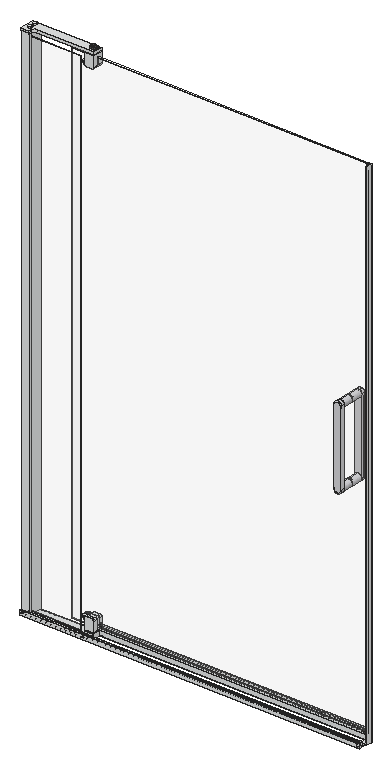
Revit family "Shower-Shower_Door-KOHLER-Revel-K-707556_1", category Specialty Equipment, host Face, Revit 2022
Family settings
  Host = Face
  Round Connector Dimension = Use Diameter
  Part Type = Normal
  OmniClass Number = 23.31.17.17
  OmniClass Title = Shower Enclosures
  Cut with Voids When Loaded = No
  Maintain Annotation Orientation = No
  Shared = No
  Room Calculation Point = No
Parameters (values of type "Clear Glass, SHP-Bright Polished Silver")
  Width [instance] = 8.18898" + Walk Thru + 1.5748"  # 48.01378"
  WaterSense Certified = 1 = 0  # no
  Walk Thru [instance] = 38 1/4"
  URL = "https://www.us.kohler.com/us/"
  Type = 3
  Secondary Finish = Kohler-Glass-L-Crystal_Clear
  Product Page URL = "http://www.us.kohler.com/us/catalog/productDetails.jsp?productId=707556-L"
  Product Name = "Revel"  # constant formula
  Product Documentation Link = "https://www.us.kohler.com/webassets/kpna/catalog/pdf/en/K-707556-L_spec_US-CA_Kohler_en.pdf"
  Model = if(Type = 1, "K-707556-L-ABZ", if(Type = 2, "K-707556-L-BNK", if(Type = 3, "K-707556-L-SHP", if(Type = 4, "K-707556-D3-ABZ", if(Type = 5, "K-707556-D3-BNK", if(Type = 6, "K-707556-D3-SHP", "NA"))))))  # "K-707556-L-SHP"
  Material = "Premium Metal Construction"  # constant formula
  Master Format 2014 Name = "Shower Doors"  # constant formula
  Master Format 2014 = "10 28 19.16"  # constant formula
  Manufacturer Address = "444 Highland Dr, Kohler, WI 53044"  # constant formula
  Manufacturer = "Kohler Co."  # constant formula
  Length = 4 7/64"  # constant formula
  Height = 74.01575"  # constant formula
  Handle Finish = Kohler-Metal-CP-Polished_Chrome
  Finish = Kohler-Metal-SHP-Bright_Polished_Silver
  Environmental Product Declaration = ""
  Description = if(or(Type < 4), "Pivot shower door, 74 inch H x 43-1/8 - 48 inch W, with 5/16 inch thick Crystal Clear glass", "Pivot shower door, 74 inch H x 43-1/8 - 48 inch W, with 5/16 inch thick Frosted glass")  # "Pivot shower door, 74 inch H x 43-1/8 - 48 inch W, with 5/16 inch thick Crystal Clear glass"
  Default Elevation = 4"
  Declare Label = ""
  Date Modified = "06/23/2022"  # constant formula
  Date Created = "06/23/2022"  # constant formula
  Copyright = "Copyright Kohler Co."  # constant formula
  Contact Us = "https://www.us.kohler.com/us/static/contact.jsp"
  Assembly Code = "C1030200"
  ADA Compliant = 1 = 0  # no
Reference planes (in)
  plane 1 "Center (Front/Back)": y = 0
  plane 2: z = 0
  plane 3 "Center (Left/Right)": x = 0
  plane 4: y = 2.10994
  plane 5: y = 0.71149
  plane 6: y = -1.5326
  plane 7: x = -8.29527
  plane 8: y = 0.32149
  plane 9: y = -1.99943
  plane 10: y = -0.55188
  plane 11: x = -15.84581
  plane 12: z = 74.01575
  plane 13: z = 74.38016
  plane 14: z = 73.13257
  plane 15: z = 72.11625
  plane 16: z = 42.95276
  plane 17: z = 42.46063
  plane 18: z = 31.83071
  plane 19: z = 31.33858
  plane 20: z = 2.1635
  plane 21: z = 0.62992
  plane 22: x = -16.48425
  plane 23: x = -6.72047
  plane 24: x = 31.52953
  plane 25: x = 31.14921
  plane 26: z = 72.6811
  plane 27: x = 31.03099
  plane 28: x = 28.57624
Dimensions and locks (in)
  plane 7 to plane 3 "Center (Left/Right)" = 8.29527"
  "Height": plane 12 to level
  "Length": plane 4 to plane 9
  locked: plane 23 to plane 3 "Center (Left/Right)" at 6.72047
  "Walk Thru": plane 23 to plane 24
  locked: plane 27 to plane 24 at 0.49854
  locked: plane 24 to plane 25 at 0.38032
  locked: plane 28 to plane 24 at 2.95329
  plane 19 to level = 31.33858"
  locked: plane 16 to plane 19 at 11.61417
  plane 7 to plane 22 = 8.18898"
  locked: plane 11 to plane 22 at 0.63844
  "Width": plane 24 to plane 22
  locked: plane 13 to plane 12 at 0.36441
  locked: plane 12 to plane 14 at 0.88318
  locked: plane 14 to plane 15 at 1.01632
  locked: plane 18 to plane 19 at 0.49213
  locked: plane 16 to plane 17 at 0.49213
  aligned and locked: plane 2 to host face
  aligned and locked: level to host face
  aligned and locked: plane 3 "Center (Left/Right)" to nested 1
Automatic sketch dimensions
  host sketch curve to host sketch curve = 96"  (x2)
Nested families (in)
  nested 1: "K-707556" at (0, 0, 0), type "K-707556"
    with Width 48.01378", Walk Thru 38 1/4"
Definition of nested family "K-707556"
  Parameters (values of type "K-707556")
    Width = Walk Thru + Distance + 1.5748"  # 44.01575"
    Walk Thru = 34.25197"
    Material = none
    Height = 74.01575"
    Handle Material = none
    Handle Height = 31.33858"
    Glass Material = none
    Distance = 8.18898"
    Default Elevation = 0"
  Reference planes (in)
    plane 1 "Center (Front/Back)": y = 0
    plane 2: z = 0
    plane 3 "Center (Left/Right)": x = 0
    plane 4: x = -16.48425
    plane 5: x = -8.29527
    plane 6 "K": x = 24.5782
    plane 7: z = 74.01575
    plane 8: z = 73.66142
    plane 9 "D": z = 72.11625
    plane 10: z = 31.33858
    plane 11: z = 42.95276
    plane 12: y = 2.10994
    plane 13: y = -1.99772
    plane 14: y = 0.71149
    plane 15: y = -1.5326
    plane 16: z = 0.62992
    plane 17: z = 73.13257
    plane 18: x = -15.84363
    plane 19 "A": y = -0.55188
    plane 20 "B": y = 0.32149
    plane 21 "C": z = 2.1635
    plane 22: z = 72.93572
    plane 23: z = 72.68188
    plane 24: z = 42.46063
    plane 25: z = 31.83071
    plane 26: z = 74.38016
    plane 27: x = -6.72047
    plane 28: x = 27.5315
    plane 29: x = 26.88976
    plane 30: x = 27.38976
    plane 31: x = 27.03295
    plane 32: x = -7.40614
  Forms (in)
    Extrusion 1, solid, material <- "Material", detail levels medium+fine
      sketch origin (0, 0, 0) x (0, 1, 0) y (0, 0, 1)
        loop
          line (-0.27623, 0) -> (0.59855, 0)
          arc (0.59855, 0) -> (0.62415, 0.0106) -> (0.63475, 0.0362) r 0.0362
          line (0.63475, 0.0362) -> (0.63475, 0.21702)
          arc (0.63475, 0.21702) -> (0.62509, 0.24034) -> (0.60177, 0.25) r 0.03298
          line (0.60177, 0.25) -> (-1.2883, 0.25)
          arc (-1.2883, 0.25) -> (-1.3314, 0.26785) -> (-1.34925, 0.31095) r 0.06095
          line (-1.34925, 0.31095) -> (-1.34925, 0.48)
          arc (-1.34925, 0.48) -> (-1.40675, 0.5375) -> (-1.46425, 0.48) r 0.0575
          line (-1.46425, 0.48) -> (-1.46425, 0.26417)
          arc (-1.46425, 0.26417) -> (-1.42954, 0.17607) -> (-1.34408, 0.1353) r 0.12919
          line (-1.34408, 0.1353) -> (-0.30312, 0.06251) -> (-0.30312, 0.0269)
          arc (-0.30312, 0.0269) -> (-0.29525, 0.00788) -> (-0.27623, 0) r 0.0269
      from -16.48425 to -8.02475
    Extrusion 2, solid, material <- "Material", detail levels medium+fine
      sketch origin (0, 0, 0) x (0, 1, 0) y (0, 0, 1)
        loop
          line (-1.46425, 0.06988) -> (-0.33625, -0.00012) -> (-0.33625, 0.06) -> (-1.46425, 0.13) -> (-1.46425, 0.565) -> (-1.33425, 0.565) -> (-1.33425, 0.368)
          arc (-1.33425, 0.368) -> (-1.30425, 0.338) -> (-1.27425, 0.368) r 0.03
          line (-1.27425, 0.368) -> (-1.27425, 0.60686)
          arc (-1.27425, 0.60686) -> (-1.281, 0.62317) -> (-1.29731, 0.62992) r 0.02306
          line (-1.29731, 0.62992) -> (-1.50695, 0.62992)
          arc (-1.50695, 0.62992) -> (-1.52509, 0.62241) -> (-1.5326, 0.60427) r 0.02565
          line (-1.5326, 0.60427) -> (-1.5326, 0) -> (-1.48411, 0)
          arc (-1.48411, 0) -> (-1.47007, 0.00582) -> (-1.46425, 0.01986) r 0.01986
          line (-1.46425, 0.01986) -> (-1.46425, 0.06988)
      from -16.48425 to 27.38976
    Extrusion 3, solid, material <- "Material", detail levels medium+fine
      sketch origin (0, 0, 0) x (0, 1, 0) y (0, 0, 1)
        loop
          line (-1.23023, 0.67187) -> (-1.54853, 0.67187)
          arc (-1.54853, 0.67187) -> (-1.56451, 0.66526) -> (-1.57112, 0.64928) r 0.0226
          line (-1.57112, 0.64928) -> (-1.57112, 0.03588)
          arc (-1.57112, 0.03588) -> (-1.55186, 0.01661) -> (-1.5326, 0.03588) r 0.01926
          line (-1.5326, 0.03588) -> (-1.5326, 0.62992) -> (-1.25863, 0.62992) -> (-1.25862, 0.15799)
          arc (-1.25862, 0.15799) -> (-1.25033, 0.13693) -> (-1.22989, 0.12718) r 0.03089
          line (-1.22989, 0.12718) -> (-0.30312, 0.06237) -> (-0.30312, 0.02652)
          arc (-0.30312, 0.02652) -> (-0.29532, 0.00768) -> (-0.27648, -0.00013) r 0.02664
          line (-0.27648, -0.00013) -> (0.27012, -0.00013)
          arc (0.27012, -0.00013) -> (0.29328, 0.00947) -> (0.30288, 0.03263) r 0.03275
          line (0.30288, 0.03263) -> (0.30288, 0.20868)
          arc (0.30288, 0.20868) -> (0.29449, 0.22892) -> (0.27425, 0.23731) r 0.02863
          line (0.27425, 0.23731) -> (-1.17024, 0.23731)
          arc (-1.17024, 0.23731) -> (-1.19827, 0.24892) -> (-1.20987, 0.27694) r 0.03964
          line (-1.20987, 0.27694) -> (-1.20987, 0.65152)
          arc (-1.20987, 0.65152) -> (-1.21584, 0.66591) -> (-1.23023, 0.67187) r 0.02036
      from 27.38976 to 26.88976
    Extrusion 4, solid, material <- "Material", detail levels medium+fine
      sketch origin (0, 0, 0) x (1, 0, 0) y (0, 1, 0)
        loop
          line (-16.48425, -1.27425) -> (-15.36279, -1.27425) -> (-15.36279, -1.0745) -> (-15.92325, -1.0745)
          arc (-15.92325, -1.0745) -> (-15.95325, -0.95875) -> (-15.92325, -0.843) r 0.2383
          line (-15.92325, -0.843) -> (-15.359, -0.843) -> (-15.359, 0.64608) -> (-16.48425, 0.64608) -> (-16.48425, 0.5658) -> (-16.42405, 0.5658) -> (-16.42405, 0.2641) -> (-16.48425, 0.2641) -> (-16.48425, 0.19996) -> (-16.42405, 0.19996) -> (-16.42405, -0.42903) -> (-16.48425, -0.42903) -> (-16.48425, -0.49326) -> (-16.42405, -0.49326) -> (-16.42405, -1.21125) -> (-16.48425, -1.21125) -> (-16.48425, -1.27425)
      from 0.25 to 73.66142
    Extrusion 5, solid, material <- "Glass Material"
      sketch origin (0, 0, 0) x (1, 0, 0) y (0, 1, 0)
        loop
          arc (-15.92325, -0.843) -> (-15.95325, -0.95875) -> (-15.92325, -1.0745) r 0.2383
          line (-15.92325, -1.0745) -> (-8.32527, -1.0745)
          arc (-8.32527, -1.0745) -> (-8.29527, -0.95875) -> (-8.32527, -0.843) r 0.2383
          line (-8.32527, -0.843) -> (-15.92325, -0.843)
      from 0.625 to 73.13257
    Extrusion 6, solid, material <- "Material"
      sketch origin (0, 0, 0) x (1, 0, 0) y (0, 1, 0)
        loop
          line (-16.48425, -1.33251) -> (-15.3867, -1.33251)
          arc (-15.3867, -1.33251) -> (-15.3224, -1.30588) -> (-15.29577, -1.24158) r 0.09093
          line (-15.29577, -1.24158) -> (-15.29577, -1.16731)
          arc (-15.29577, -1.16731) -> (-15.14469, -0.80256) -> (-14.77993, -0.65147) r 0.51584
          line (-14.77993, -0.65147) -> (-6.73991, -0.65147) -> (-6.73991, 0.71149) -> (-16.48425, 0.71149) -> (-16.48425, -1.33251)
      from 73.66142 to 74.01575
    Revolve 7, solid, detail levels medium+fine
      sketch origin (0, -0.55188, 0) x (0, 0, 1) y (-1, 0, 0)
        loop
          line (74.01575, 15.84363) -> (74.19327, 15.84363)
          arc (74.19327, 15.84363) -> (74.1544, 15.98634) -> (74.04852, 16.08963) r 0.2814
          line (74.04852, 16.08963) -> (74.01575, 16.08963) -> (74.01575, 15.84363)
        axis (74.01575, 15.84363) -> (74.19327, 15.84363)
      angle from 0 to 360
    Revolve 8, solid, detail levels medium+fine
      sketch origin (0, 0.32149, 0) x (0, 0, -1) y (-1, 0, 0)
        loop
          line (-74.01575, 15.84363) -> (-74.01575, 16.08963) -> (-74.04852, 16.08963)
          arc (-74.04852, 16.08963) -> (-74.1544, 15.98634) -> (-74.19327, 15.84363) r 0.2814
          line (-74.19327, 15.84363) -> (-74.01575, 15.84363)
        axis (-74.19327, 15.84363) -> (-74.01575, 15.84363)
      angle from 0 to 360
    Extrusion 9, solid, material <- "Material", detail levels medium+fine
      sketch origin (0, 0, 0) x (0, 1, 0) y (0, 0, 1)
        loop
          line (0.63475, 0) -> (0.63475, 0.625) -> (-0.72263, 0.625)
          arc (-0.72263, 0.625) -> (-0.75489, 0.61164) -> (-0.76825, 0.57938) r 0.04562
          line (-0.76825, 0.57938) -> (-0.76825, 0.31091)
          arc (-0.76825, 0.31091) -> (-0.78609, 0.26784) -> (-0.82916, 0.25) r 0.06091
          line (-0.82916, 0.25) -> (-1.10552, 0.25)
          arc (-1.10552, 0.25) -> (-1.13786, 0.26339) -> (-1.15125, 0.29573) r 0.04573
          line (-1.15125, 0.29573) -> (-1.15125, 0.59003)
          arc (-1.15125, 0.59003) -> (-1.16149, 0.61476) -> (-1.18622, 0.625) r 0.03497
          line (-1.18622, 0.625) -> (-1.24534, 0.625)
          arc (-1.24534, 0.625) -> (-1.2672, 0.61595) -> (-1.27625, 0.59409) r 0.03091
          line (-1.27625, 0.59409) -> (-1.27625, 0.312)
          arc (-1.27625, 0.312) -> (-1.31275, 0.2755) -> (-1.34925, 0.312) r 0.0365
          line (-1.34925, 0.312) -> (-1.34925, 0.48)
          arc (-1.34925, 0.48) -> (-1.40675, 0.5375) -> (-1.46425, 0.48) r 0.0575
          line (-1.46425, 0.48) -> (-1.46425, 0.26028)
          arc (-1.46425, 0.26028) -> (-1.43067, 0.17503) -> (-1.34797, 0.13559) r 0.125
          line (-1.34797, 0.13559) -> (-0.30275, 0.0625) -> (-0.30275, 0.03125)
          arc (-0.30275, 0.03125) -> (-0.2936, 0.00915) -> (-0.2715, 0) r 0.03125
          line (-0.2715, 0) -> (0.63475, 0)
      from -6.76525 to -8.02475
    Extrusion 10, solid, material <- "Material"
      sketch origin (0, 0, 0) x (1, 0, 0) y (0, 0, 1)
        loop
          arc (-6.80462, 0.7535) -> (-6.77678, 0.76503) -> (-6.76525, 0.79287) r 0.03937
          line (-6.76525, 0.79287) -> (-6.76525, 2.20243)
          arc (-6.76525, 2.20243) -> (-6.83527, 2.37148) -> (-7.00432, 2.4415) r 0.23907
          line (-7.00432, 2.4415) -> (-7.77509, 2.4415)
          arc (-7.77509, 2.4415) -> (-7.94491, 2.37116) -> (-8.01525, 2.20134) r 0.24016
          line (-8.01525, 2.20134) -> (-8.01525, 0.79202)
          arc (-8.01525, 0.79202) -> (-8.00397, 0.76478) -> (-7.97673, 0.7535) r 0.03852
          line (-7.97673, 0.7535) -> (-6.80462, 0.7535)
      from -0.699 to 0.6555
    Extrusion 11, void
      sketch origin (0, 0, 0) x (0, 1, 0) y (0, 0, 1)
        loop
          line (-0.223, 1.0975) -> (0.277, 1.0975) -> (0.277, 2.6723) -> (-0.223, 2.6723) -> (-0.223, 1.0975)
      from -8.374 to -5.62598
    Extrusion 12, solid
      sketch origin (0, 0, 0) x (1, 0, 0) y (0, 0, 1)
        loop
          line (-6.78494, 1.0975) -> (-6.78494, 2.20243)
          arc (-6.78494, 2.20243) -> (-6.84919, 2.35756) -> (-7.00432, 2.42181) r 0.21938
          line (-7.00432, 2.42181) -> (-7.77509, 2.42181)
          arc (-7.77509, 2.42181) -> (-7.93099, 2.35724) -> (-7.99556, 2.20134) r 0.22047
          line (-7.99556, 2.20134) -> (-7.99556, 1.0975) -> (-6.78494, 1.0975)
      from -0.277 to 0.223
    Revolve 13, solid, material <- "Material"
      sketch origin (0, 0, 2.1635) x (0, -1, 0) y (1, 0, 0)
        loop
          line (0.3524, -8.32761) -> (-0.39049, -8.32761) -> (-0.39049, -8.59986)
          arc (-0.39049, -8.59986) -> (-0.37874, -8.62823) -> (-0.35037, -8.63998) r 0.04012
          line (-0.35037, -8.63998) -> (-0.17426, -8.63998) -> (-0.17426, -8.59632) -> (-0.13508, -8.59632) -> (-0.13508, -8.48472) -> (0.097, -8.48472) -> (0.097, -8.59632) -> (0.13617, -8.59632) -> (0.13617, -8.63998) -> (0.31228, -8.63998)
          arc (0.31228, -8.63998) -> (0.34065, -8.62823) -> (0.3524, -8.59986) r 0.04012
          line (0.3524, -8.59986) -> (0.3524, -8.32761)
        axis (0.3524, -8.32761) -> (-0.39049, -8.32761)
      angle from 0 to 360
    Extrusion 14, solid, detail levels medium+fine
      sketch origin (0, 0, 0) x (1, 0, 0) y (0, 0, 1)
        loop
          circle (-7.07775, 1.5975) r 0.18898
        loop
          line (-7.07775, 1.72346) -> (-7.18683, 1.66048) -> (-7.18683, 1.53452) -> (-7.07775, 1.47154) -> (-6.96867, 1.53452) -> (-6.96867, 1.66048) -> (-7.07775, 1.72346)
        loop
          circle (-7.70273, 1.5975) r 0.18898
        loop
          line (-7.70273, 1.72346) -> (-7.81181, 1.66048) -> (-7.81181, 1.53452) -> (-7.70273, 1.47154) -> (-7.59364, 1.53452) -> (-7.59364, 1.66048) -> (-7.70273, 1.72346)
      from -0.64608 to -0.74844
    Revolve 15, solid, material <- "Material"
      sketch origin (0, 0, 72.11625) x (0, -1, 0) y (1, 0, 0)
        loop
          line (0.34548, -8.29527) -> (-0.39741, -8.29527) -> (-0.39741, -8.56752)
          arc (-0.39741, -8.56752) -> (-0.38566, -8.59589) -> (-0.35729, -8.60764) r 0.04012
          line (-0.35729, -8.60764) -> (-0.18118, -8.60764) -> (-0.18118, -8.56398) -> (-0.14201, -8.56398) -> (-0.14201, -8.45238) -> (0.09007, -8.45238) -> (0.09007, -8.56398) -> (0.12925, -8.56398) -> (0.12925, -8.60764) -> (0.30536, -8.60764)
          arc (0.30536, -8.60764) -> (0.33373, -8.59589) -> (0.34548, -8.56752) r 0.04012
          line (0.34548, -8.56752) -> (0.34548, -8.29527)
        axis (0.34548, -8.29527) -> (-0.39741, -8.29527)
      angle from 0 to 360
    Extrusion 16, solid, material <- "Material"
      sketch origin (0, 0, 0) x (0, 1, 0) y (0, 0, 1)
        loop
          arc (-0.097, 1.35312) -> (-0.11537, 1.37299) -> (-0.13662, 1.35624) r 0.01993
          line (-0.13662, 1.35624) -> (-0.1776, 1.0975) -> (0.20316, 1.0975) -> (0.20316, 1.33432)
          arc (0.20316, 1.33432) -> (0.2165, 1.35338) -> (0.23898, 1.34737) r 0.02029
          arc (0.23898, 1.34737) -> (0.2829, 1.29668) -> (0.32829, 1.24731) r 2.26458
          arc (0.32829, 1.24731) -> (0.34709, 1.18966) -> (0.31434, 1.13863) r 0.07073
          arc (0.31434, 1.13863) -> (0.33971, 1.11534) -> (0.37309, 1.12379) r 0.03623
          arc (0.37309, 1.12379) -> (0.42824, 1.15633) -> (0.49187, 1.16351) r 0.15339
          arc (0.49187, 1.16351) -> (0.52099, 1.19696) -> (0.4952, 1.23303) r 0.03577
          arc (0.4952, 1.23303) -> (0.28695, 1.37387) -> (0.20068, 1.61001) r 0.4083
          arc (0.20068, 1.61001) -> (0.17922, 1.64919) -> (0.135, 1.65554) r 0.04994
          line (0.135, 1.65554) -> (0.135, 1.1775)
          arc (0.135, 1.1775) -> (0.019, 1.1475) -> (-0.097, 1.1775) r 0.23927
          line (-0.097, 1.1775) -> (-0.097, 1.35312)
        loop
          line (0.25206, 1.15842) -> (0.26168, 0.02414)
          arc (0.26168, 0.02414) -> (0.28259, 0.00002) -> (0.30569, 0.02205) r 0.02205
          line (0.30569, 0.02205) -> (0.30569, 1.15843)
          arc (0.30569, 1.15843) -> (0.27885, 1.25716) -> (0.25206, 1.15842) r 0.05301
      from -6.76525 to 27.03295
    Extrusion 17, solid, material <- "Material", detail levels medium+fine
      sketch origin (0, 0.32149, 0) x (0, 0, -1) y (-1, 0, 0)
        loop
          arc (-73.49422, 8.033) -> (-73.5177, 8.02327) -> (-73.52743, 7.99979) r 0.03321
          line (-73.52743, 7.99979) -> (-73.52743, 6.8125)
          arc (-73.52743, 6.8125) -> (-73.5177, 6.78902) -> (-73.49422, 6.77929) r 0.03321
          line (-73.49422, 6.77929) -> (-72.08933, 6.77929)
          arc (-72.08933, 6.77929) -> (-71.91084, 6.85322) -> (-71.83691, 7.03171) r 0.25241
          line (-71.83691, 7.03171) -> (-71.83691, 7.78058)
          arc (-71.83691, 7.78058) -> (-71.91084, 7.95907) -> (-72.08933, 8.033) r 0.25241
          line (-72.08933, 8.033) -> (-73.49422, 8.033)
      from -0.97296 to 0.37751
    Extrusion 18, void
      sketch origin (0, 0, 0) x (0, 1, 0) y (0, 0, 1)
        loop
          line (-0.22762, 71.71778) -> (0.23512, 71.71778) -> (0.23512, 73.22772) -> (-0.22762, 73.22772) -> (-0.22762, 71.71778)
      from -8.32527 to -6.37881
    Extrusion 19, solid, detail levels medium+fine
      sketch origin (0, 0, 0) x (1, 0, 0) y (0, 0, 1)
        loop
          line (-7.78058, 71.8566) -> (-7.03171, 71.8566)
          arc (-7.03171, 71.8566) -> (-6.86714, 71.92476) -> (-6.79898, 72.08933) r 0.23273
          line (-6.79898, 72.08933) -> (-6.79898, 73.22772) -> (-8.01331, 73.22772) -> (-8.01331, 72.08933)
          arc (-8.01331, 72.08933) -> (-7.94515, 71.92476) -> (-7.78058, 71.8566) r 0.23273
      from -0.23512 to 0.22762
    Extrusion 20, solid, material <- "Glass Material"
      sketch origin (0, 0, 0) x (1, 0, 0) y (0, 1, 0)
        loop
          arc (27.33209, -0.1605) -> (27.38694, -0.00425) -> (27.33209, 0.152) r 0.25
          line (27.33209, 0.152) -> (-10.36891, 0.152)
          arc (-10.36891, 0.152) -> (-10.42375, -0.00425) -> (-10.36891, -0.1605) r 0.25
          line (-10.36891, -0.1605) -> (27.33209, -0.1605)
      from 1.0975 to 73.13257
    Extrusion 21, solid, detail levels medium+fine
      sketch origin (0, 0, 0) x (1, 0, 0) y (0, 0, 1)
        loop
          circle (-7.09313, 72.6861) r 0.18898
        loop
          line (-7.09313, 72.81206) -> (-7.20221, 72.74908) -> (-7.20221, 72.62312) -> (-7.09313, 72.56014) -> (-6.98404, 72.62312) -> (-6.98404, 72.74908) -> (-7.09313, 72.81206)
        loop
          circle (-7.71992, 72.6861) r 0.18898
        loop
          line (-7.71992, 72.81206) -> (-7.829, 72.74908) -> (-7.829, 72.62312) -> (-7.71992, 72.56014) -> (-7.61083, 72.62312) -> (-7.61083, 72.74908) -> (-7.71992, 72.81206)
      from -0.277 to -0.74844
    Revolve 22, solid, material <- "Handle Material"
      sketch origin (24.5782, 0, 0) x (0, 0, 1) y (0, -1, 0)
        loop
          line (42.46063, -1.59591) -> (42.95276, -1.59591) -> (42.95276, -0.135) -> (42.70487, -0.135) -> (42.70487, 0.097) -> (42.95276, 0.097) -> (42.95276, 1.47495) -> (42.46063, 1.47495) -> (42.46063, -1.59591)
        axis (42.46063, 1.47495) -> (42.46063, -1.59591)
      angle from 0 to 360
    Revolve 23, solid, material <- "Handle Material"
      sketch origin (24.5782, 0, 0) x (0, 0, 1) y (0, -1, 0)
        loop
          line (31.83071, -1.59591) -> (31.83071, 1.47495) -> (31.33858, 1.47495) -> (31.33858, 0.097) -> (31.58646, 0.097) -> (31.58646, -0.135) -> (31.33858, -0.135) -> (31.33858, -1.59591) -> (31.83071, -1.59591)
        axis (31.83071, -1.59591) -> (31.83071, 1.47495)
      angle from 0 to 360
    Sweep 24, solid, material <- "Handle Material", detail levels medium+fine
      path origin (0, 0, 0) x (1, 0, 0) y (0, 0, 1)
        loop
          arc (25.07033, 42.46063) -> (24.5782, 42.95276) -> (24.08608, 42.46063) r 0.49213
          line (24.08608, 42.46063) -> (24.08608, 31.83071)
          arc (24.08608, 31.83071) -> (24.5782, 31.33858) -> (25.07033, 31.83071) r 0.49213
          line (25.07033, 31.83071) -> (25.07033, 42.46063)
      profile origin (24.5782, 0, 42.95276) x (0, 0, -1) y (0, -1, 0)
        loop
          line (0, 1.47495) -> (0.07036, 1.47495) -> (0.07036, 1.99772) -> (0.03819, 1.99772)
          arc (0.03819, 1.99772) -> (0.01119, 1.98653) -> (0, 1.95953) r 0.03819
          line (0, 1.95953) -> (0, 1.47495)
    Extrusion 25, solid, material <- "Handle Material", detail levels medium+fine
      sketch origin (0, 0, 0) x (1, 0, 0) y (0, 0, 1)
        loop
          arc (24.15644, 31.83071) -> (24.5782, 31.40894) -> (24.99997, 31.83071) r 0.42177
          line (24.99997, 31.83071) -> (24.99997, 42.46063)
          arc (24.99997, 42.46063) -> (24.5782, 42.8824) -> (24.15644, 42.46063) r 0.42177
          line (24.15644, 42.46063) -> (24.15644, 31.83071)
      from 1.47495 to 1.99772
    Sweep 26, solid, material <- "Handle Material", detail levels medium+fine
      path origin (0, 0, 0) x (1, 0, 0) y (0, 0, 1)
        loop
          line (25.07033, 31.83071) -> (25.07033, 42.46063)
          arc (25.07033, 42.46063) -> (24.5782, 42.95276) -> (24.08608, 42.46063) r 0.49213
          line (24.08608, 42.46063) -> (24.08608, 31.83071)
          arc (24.08608, 31.83071) -> (24.5782, 31.33858) -> (25.07033, 31.83071) r 0.49213
      profile origin (24.5782, 0, 31.33858) x (0, 0, -1) y (0, -1, 0)
        loop
          line (-0.08322, -1.59591) -> (-0.08322, -2.10994) -> (-0.03596, -2.10994)
          arc (-0.03596, -2.10994) -> (-0.01053, -2.09941) -> (0, -2.07398) r 0.03596
          line (0, -2.07398) -> (0, -1.59591) -> (-0.08322, -1.59591)
    Extrusion 27, solid, material <- "Handle Material", detail levels medium+fine
      sketch origin (0, 0, 0) x (1, 0, 0) y (0, 0, 1)
        loop
          line (24.1693, 42.46063) -> (24.1693, 31.83071)
          arc (24.1693, 31.83071) -> (24.5782, 31.4218) -> (24.98711, 31.83071) r 0.4089
          line (24.98711, 31.83071) -> (24.98711, 42.46063)
          arc (24.98711, 42.46063) -> (24.5782, 42.86953) -> (24.1693, 42.46063) r 0.4089
      from -2.10994 to -1.59591
    Extrusion 28, solid, material <- "Material"
      sketch origin (0, 0, 0) x (1, 0, 0) y (0, 1, 0)
        loop
          circle (-7.40614, 0) r 0.23622
      from 0.565 to 0.7535
    Extrusion 29, void
      sketch origin (0, 0, 0) x (1, 0, 0) y (0, 1, 0)
        loop
          arc (-6.80404, -0.07487) -> (-6.97385, 0.46372) -> (-7.51243, 0.63353) r 0.6115
          arc (-7.51243, 0.63353) -> (-7.63532, 0.45802) -> (-7.45982, 0.33513) r 0.1515
          arc (-7.45982, 0.33513) -> (-7.18811, 0.24946) -> (-7.10243, -0.02225) r 0.3085
          arc (-7.10243, -0.02225) -> (-6.97954, -0.19776) -> (-6.80404, -0.07487) r 0.1515
      from 74.01575 to 73.66142
    Extrusion 30, solid
      sketch origin (0, 0, 0) x (1, 0, 0) y (0, 1, 0)
        loop
          circle (-7.40625, 0.49132) r 0.07731
        loop
          circle (-7.40625, 0.49132) r 0.097
      from 74.01575 to 73.66142
    Extrusion 31, solid, material <- "Handle Material", detail levels coarse
      sketch origin (0, 0, 0) x (1, 0, 0) y (0, 0, 1)
        loop
          line (24.08608, 42.95276) -> (24.08608, 31.33858) -> (25.07033, 31.33858) -> (25.07033, 42.95276) -> (24.08608, 42.95276)
      from 1.47495 to 1.99772
    Extrusion 32, solid, material <- "Handle Material", detail levels coarse
      sketch origin (0, 0, 0) x (1, 0, 0) y (0, 0, 1)
        loop
          line (24.08608, 42.95276) -> (24.08608, 31.33858) -> (25.07033, 31.33858) -> (25.07033, 42.95276) -> (24.08608, 42.95276)
      from -2.10994 to -1.59591
    Extrusion 33, solid, material <- "Material", detail levels coarse
      sketch origin (0, 0, 0) x (1, 0, 0) y (0, 1, 0)
        loop
          line (-15.359, -0.843) -> (-15.359, 0.64608) -> (-16.48425, 0.64608) -> (-16.48425, -1.27425) -> (-15.36279, -1.27425) -> (-15.36279, -1.0745) -> (-15.92325, -1.0745)
          arc (-15.92325, -1.0745) -> (-15.95325, -0.95875) -> (-15.92325, -0.843) r 0.2383
          line (-15.92325, -0.843) -> (-15.359, -0.843)
      from 0 to 73.66142
    Extrusion 34, solid, material <- "Material", detail levels coarse
      sketch origin (24.5782, 0, 0) x (0, 0, 1) y (0, -1, 0)
        loop
          line (0.25, -0.30288) -> (0.25, 1.27425) -> (0.62992, 1.27425) -> (0.62992, 1.5326) -> (0, 1.5326) -> (0, -0.30288) -> (0.25, -0.30288)
      from -41.06245 to 2.81156
    Extrusion 35, solid, material <- "Material"
      sketch origin (0, 0, 0) x (1, 0, 0) y (0, 1, 0)
        loop
          arc (27.5315, 0.28917) -> (27.52257, 0.31074) -> (27.501, 0.31967) r 0.0305
          line (27.501, 0.31967) -> (26.99931, 0.31967)
          arc (26.99931, 0.31967) -> (26.9818, 0.30217) -> (26.99931, 0.28466) r 0.0175
          line (26.99931, 0.28466) -> (27.04618, 0.28466)
          arc (27.04618, 0.28466) -> (27.01593, 0.27075) -> (26.98831, 0.25214) r 0.20599
          arc (26.98831, 0.25214) -> (26.95487, 0.2073) -> (26.94771, 0.15183) r 0.11038
          line (26.94771, 0.15183) -> (27.19804, 0.15183)
          arc (27.19804, 0.15183) -> (27.17378, 0.23382) -> (27.10503, 0.28466) r 0.13461
          line (27.10503, 0.28466) -> (27.46572, 0.28466)
          arc (27.46572, 0.28466) -> (27.48818, 0.27536) -> (27.49748, 0.2529) r 0.03177
          line (27.49748, 0.2529) -> (27.49748, -0.48012) -> (27.4273, -0.48012) -> (27.21789, -0.1617)
          arc (27.21789, -0.1617) -> (27.19481, -0.16372) -> (27.18382, -0.18411) r 0.02441
          line (27.18382, -0.18411) -> (27.40283, -0.51714) -> (27.5315, -0.51714) -> (27.5315, 0.28917)
      from 0 to 72.93572
    Revolve 36, solid
      sketch origin (0, 0, 0) x (1, 0, 0) y (0, 0, 1)
        loop
          line (-7.40614, 73.52743) -> (-7.40614, 74.33455) -> (-7.62158, 74.33455) -> (-7.62158, 74.38016) -> (-7.68448, 74.38016)
          arc (-7.68448, 74.38016) -> (-7.7027, 74.37335) -> (-7.71198, 74.35625) r 0.02777
          line (-7.71198, 74.35625) -> (-7.73118, 74.21965) -> (-7.76575, 74.21965) -> (-7.76575, 74.15665) -> (-7.64133, 74.15665) -> (-7.64133, 73.59021) -> (-8.02821, 73.59021) -> (-8.02821, 73.52743) -> (-7.40614, 73.52743)
        axis (-7.40614, 73.52743) -> (-7.40614, 74.38016)
      angle from 0 to 360
    Extrusion 37, solid, material <- "Material", detail levels coarse
      sketch origin (0, 0.32149, 0) x (0, 0, -1) y (-1, 0, 0)
        loop
          arc (-73.49422, 8.033) -> (-73.5177, 8.02327) -> (-73.52743, 7.99979) r 0.03321
          line (-73.52743, 7.99979) -> (-73.52743, 6.8125)
          arc (-73.52743, 6.8125) -> (-73.5177, 6.78902) -> (-73.49422, 6.77929) r 0.03321
          line (-73.49422, 6.77929) -> (-71.83691, 6.77929) -> (-71.83691, 8.033) -> (-73.49422, 8.033)
      from -0.97296 to 0.37751
  Cuts and joins
    Extrusion 11 cuts Extrusion 10
    Extrusion 18 cuts Extrusion 17
    joined: Sweep 26, Extrusion 27
    joined: Sweep 24, Extrusion 25
    Extrusion 29 cuts Extrusion 6
  Lines and regions (in)
    Masking region 1
      outline origin (0, 0, 0) x (1, 0, 0) y (0, 0, 1)
        loop
          line (-16.48425, 0) -> (27.5315, 0) -> (27.5315, 72.93572) -> (27.38976, 72.93572) -> (27.38976, 73.13257) -> (-6.77929, 73.13257) -> (-6.77929, 73.49422)
          arc (-6.77929, 73.49422) -> (-6.78049, 73.511) -> (-6.78408, 73.52743) r 0.11765
          line (-6.78408, 73.52743) -> (-6.78408, 73.59021) -> (-7.17096, 73.59021) -> (-7.17096, 73.66142) -> (-6.72047, 73.66142) -> (-6.72047, 74.01575) -> (-7.17096, 74.01575) -> (-7.17096, 74.15665) -> (-7.04654, 74.15665) -> (-7.04654, 74.21965) -> (-7.08111, 74.21965) -> (-7.10073, 74.35923)
          arc (-7.10073, 74.35923) -> (-7.10885, 74.3742) -> (-7.1248, 74.38016) r 0.02431
          line (-7.1248, 74.38016) -> (-7.68749, 74.38016)
          arc (-7.68749, 74.38016) -> (-7.70344, 74.3742) -> (-7.71156, 74.35923) r 0.02431
          line (-7.71156, 74.35923) -> (-7.73118, 74.21965) -> (-7.76575, 74.21965) -> (-7.76575, 74.15665) -> (-7.64133, 74.15665) -> (-7.64133, 74.01575) -> (-15.59763, 74.01575) -> (-15.59763, 74.04852)
          arc (-15.59763, 74.04852) -> (-15.70095, 74.1543) -> (-15.84363, 74.19313) r 0.28153
          arc (-15.84363, 74.19313) -> (-15.98631, 74.1543) -> (-16.08963, 74.04852) r 0.28153
          line (-16.08963, 74.04852) -> (-16.08963, 74.01575) -> (-16.48425, 74.01575) -> (-16.48425, 0)
        loop
          line (-15.36279, 73.66142) -> (-15.36279, 73.13257) -> (-8.033, 73.13257) -> (-8.033, 73.49422)
          arc (-8.033, 73.49422) -> (-8.0318, 73.511) -> (-8.02821, 73.52743) r 0.11765
          line (-8.02821, 73.52743) -> (-8.02821, 73.59021) -> (-7.64133, 73.59021) -> (-7.64133, 73.66142) -> (-15.36279, 73.66142)
        loop
          line (-8.29527, 1.0975) -> (-8.29527, 0.62992) -> (-7.64237, 0.62992) -> (-7.64237, 0.7535) -> (-7.97673, 0.7535)
          arc (-7.97673, 0.7535) -> (-8.00397, 0.76478) -> (-8.01525, 0.79202) r 0.03852
          line (-8.01525, 0.79202) -> (-8.01525, 1.0975) -> (-8.29527, 1.0975)
        loop
          line (-7.16992, 0.7535) -> (-7.16992, 0.62992) -> (-6.76525, 0.62992) -> (-6.76525, 0.79287)
          arc (-6.76525, 0.79287) -> (-6.77678, 0.76503) -> (-6.80462, 0.7535) r 0.03937
          line (-6.80462, 0.7535) -> (-7.16992, 0.7535)
    Masking region 2
      outline origin (24.5782, 0, 0) x (0, 0, 1) y (0, -1, 0)
        loop
          line (0, -0.63475) -> (0.21702, -0.63475)
          arc (0.21702, -0.63475) -> (0.24034, -0.62509) -> (0.25, -0.60177) r 0.03298
          line (0.25, -0.60177) -> (0.25, -0.64608) -> (0.7535, -0.64608) -> (0.7535, -0.699) -> (1.40852, -0.699) -> (1.40852, -0.74844) -> (1.78648, -0.74844) -> (1.78648, -0.699) -> (2.4415, -0.699) -> (2.4415, -0.64608) -> (31.33858, -0.64608) -> (31.33858, -2.07057)
          arc (31.33858, -2.07057) -> (31.35011, -2.09841) -> (31.37795, -2.10994) r 0.03937
          line (31.37795, -2.10994) -> (42.91503, -2.10994)
          arc (42.91503, -2.10994) -> (42.94171, -2.09889) -> (42.95276, -2.07222) r 0.03773
          line (42.95276, -2.07222) -> (42.95276, -0.64608) -> (71.83691, -0.64608) -> (71.83691, -0.699) -> (72.49712, -0.699) -> (72.49712, -0.74844) -> (72.87507, -0.74844) -> (72.87507, -0.699) -> (73.52743, -0.699) -> (73.52743, -0.64608) -> (73.66142, -0.64608) -> (73.66142, -0.71149) -> (74.01575, -0.71149) -> (74.01575, -0.56685) -> (74.0484, -0.56685)
          arc (74.0484, -0.56685) -> (74.13848, -0.48776) -> (74.1873, -0.37828) r 0.28036
          line (74.1873, -0.37828) -> (74.21965, -0.3596) -> (74.21965, -0.32484) -> (74.35179, -0.30626)
          arc (74.35179, -0.30626) -> (74.37207, -0.29525) -> (74.38016, -0.27363) r 0.03296
          line (74.38016, -0.27363) -> (74.38016, 0.27363)
          arc (74.38016, 0.27363) -> (74.37207, 0.29525) -> (74.35179, 0.30626) r 0.03296
          line (74.35179, 0.30626) -> (74.21965, 0.32484) -> (74.21965, 0.3596) -> (74.15665, 0.3596) -> (74.15665, 0.23689) -> (74.01575, 0.23689) -> (74.01575, 0.30652) -> (74.0484, 0.30652)
          arc (74.0484, 0.30652) -> (74.15424, 0.40945) -> (74.19311, 0.55188) r 0.28036
          arc (74.19311, 0.55188) -> (74.15424, 0.69431) -> (74.0484, 0.79724) r 0.28036
          line (74.0484, 0.79724) -> (74.01575, 0.79724) -> (74.01575, 1.33251) -> (73.66142, 1.33251) -> (73.66142, 1.27425) -> (42.95276, 1.27425) -> (42.95276, 1.95835)
          arc (42.95276, 1.95835) -> (42.94122, 1.98619) -> (42.91339, 1.99772) r 0.03937
          line (42.91339, 1.99772) -> (31.38047, 1.99772)
          arc (31.38047, 1.99772) -> (31.35085, 1.98545) -> (31.33858, 1.95583) r 0.04189
          line (31.33858, 1.95583) -> (31.33858, 1.27425) -> (0.67187, 1.27425) -> (0.67187, 1.54853)
          arc (0.67187, 1.54853) -> (0.66526, 1.56451) -> (0.64928, 1.57112) r 0.0226
          line (0.64928, 1.57112) -> (0.03587, 1.57112)
          arc (0.03587, 1.57112) -> (0.01661, 1.55186) -> (0.03587, 1.5326) r 0.01926
          line (0.03587, 1.5326) -> (0, 1.5326) -> (0, 1.48411)
          arc (0, 1.48411) -> (0.00582, 1.47007) -> (0.01986, 1.46425) r 0.01986
          line (0.01986, 1.46425) -> (0.06988, 1.46425) -> (-0.00012, 0.33625) -> (0.06, 0.33625) -> (0.13, 1.46425) -> (0.26417, 1.46425)
          arc (0.26417, 1.46425) -> (0.17607, 1.42954) -> (0.1353, 1.34408) r 0.12919
          line (0.1353, 1.34408) -> (0.06251, 0.30313) -> (0.0269, 0.30313)
          arc (0.0269, 0.30313) -> (0.00788, 0.29525) -> (0, 0.27623) r 0.0269
          line (0, 0.27623) -> (0, -0.63475)
        loop
          arc (0.48, 1.46425) -> (0.5375, 1.40675) -> (0.48, 1.34925) r 0.0575
          line (0.48, 1.34925) -> (0.312, 1.34925)
          arc (0.312, 1.34925) -> (0.2755, 1.31275) -> (0.312, 1.27625) r 0.0365
          line (0.312, 1.27625) -> (0.35723, 1.27625)
          arc (0.35723, 1.27625) -> (0.3385, 1.30973) -> (0.368, 1.33425) r 0.03
          line (0.368, 1.33425) -> (0.565, 1.33425) -> (0.565, 1.46425) -> (0.48, 1.46425)
        loop
          line (32.32079, 1.47495) -> (32.32079, 1.27425) -> (41.9685, 1.27425) -> (41.9685, 1.47495) -> (32.32079, 1.47495)
        loop
          line (41.9685, -1.59591) -> (41.9685, -0.64608) -> (32.32283, -0.64608) -> (32.32283, -1.59591) -> (41.9685, -1.59591)
    Masking region 3
      outline origin (0, 0, 0) x (1, 0, 0) y (0, 1, 0)
        loop
          line (-16.48425, -1.5326) -> (24.08608, -1.5326) -> (24.08608, -1.94529)
          arc (24.08608, -1.94529) -> (24.10143, -1.98236) -> (24.1385, -1.99772) r 0.05243
          line (24.1385, -1.99772) -> (24.5782, -1.99772) -> (25.01791, -1.99772)
          arc (25.01791, -1.99772) -> (25.05498, -1.98236) -> (25.07033, -1.94529) r 0.05243
          line (25.07033, -1.94529) -> (25.07033, -1.5326) -> (26.88976, -1.5326) -> (26.88976, -1.57112) -> (27.38976, -1.57112) -> (27.38976, -0.51714) -> (27.5315, -0.51714) -> (27.5315, 0.28917)
          arc (27.5315, 0.28917) -> (27.52257, 0.31074) -> (27.501, 0.31967) r 0.0305
          line (27.501, 0.31967) -> (27.03295, 0.31967) -> (27.03295, 0.52103) -> (25.07033, 0.52103) -> (25.07033, 2.07301)
          arc (25.07033, 2.07301) -> (25.05951, 2.09912) -> (25.0334, 2.10994) r 0.03693
          line (25.0334, 2.10994) -> (24.12301, 2.10994)
          arc (24.12301, 2.10994) -> (24.0969, 2.09912) -> (24.08608, 2.07301) r 0.03693
          line (24.08608, 2.07301) -> (24.08608, 0.52103) -> (-6.72047, 0.52103) -> (-6.72047, 0.71149) -> (-6.88877, 0.71149) -> (-6.88877, 0.74844) -> (-7.2807, 0.74844) -> (-7.2807, 0.71149) -> (-7.51519, 0.71149) -> (-7.51519, 0.74844) -> (-7.90889, 0.74844) -> (-7.90889, 0.71149) -> (-16.48425, 0.71149) -> (-16.48425, -1.5326)
        loop
          line (24.08608, -0.33625) -> (24.08608, -0.1776) -> (-6.72047, -0.1776) -> (-6.72047, -0.33625) -> (24.08608, -0.33625)
        loop
          line (25.07033, -0.33625) -> (26.88976, -0.33625) -> (26.88976, -0.1776) -> (25.07033, -0.1776) -> (25.07033, -0.33625)
        loop
          line (27.38976, 0.28466) -> (27.38976, 0.10898) -> (27.38976, -0.42305) -> (27.4273, -0.48012) -> (27.49748, -0.48012) -> (27.49748, 0.2529)
          arc (27.49748, 0.2529) -> (27.48818, 0.27536) -> (27.46572, 0.28466) r 0.03177
          line (27.46572, 0.28466) -> (27.38976, 0.28466)
    symbolic lines, detail levels medium+fine
      curve 1: line (-16.08963, 0, 74.01575) -> (-15.59763, 0, 74.01575)
      curve 2: line (-16.08963, 0, 74.04852) -> (-15.59763, 0, 74.04852)
      curve 3: line (-16.48425, 0, 73.66142) -> (-15.359, 0, 73.66142)
      curve 4: line (-15.36279, 0, 73.13257) -> (-15.36279, 0, 0.62992)
      curve 5: line (-8.29527, 0, 0.62992) -> (-16.48425, 0, 0.62992)
      curve 6: line (-8.29527, 0, 73.13257) -> (-8.29527, 0, 1.0975)
      curve 7: line (-8.01525, 0, 1.0975) -> (-8.01525, 0, 2.20134)
      curve 8: arc (-7.77509, 0, 2.4415) -> (-7.94491, 0, 2.37116) -> (-8.01525, 0, 2.20134) r 0.24016
      curve 9: line (-7.00432, 0, 2.4415) -> (-7.77509, 0, 2.4415)
      curve 10: arc (-6.76525, 0, 2.20243) -> (-6.83527, 0, 2.37148) -> (-7.00432, 0, 2.4415) r 0.23907
      curve 11: line (-6.76525, 0, 2.20243) -> (-6.76525, 0, 0.79287)
      curve 12: line (-7.64237, 0, 0.7535) -> (-7.16511, 0, 0.7535)
      curve 13: line (-7.64237, 0, 0.62992) -> (-7.16992, 0, 0.62992)
      curve 14: arc (-8.29527, 0, 1.85282) -> (-8.01525, 0, 2.1635) -> (-8.29527, 0, 2.47418) r 0.31236
      curve 15: line (-6.76525, 0, 0.62992) -> (26.88976, 0, 0.62992)
      curve 16: line (26.88976, 0, -0.00013) -> (26.88976, 0, 0.62992)
      curve 17: line (26.88976, 0, 0.67187) -> (27.38976, 0, 0.67187)
      curve 18: line (26.88976, 0, 0.67187) -> (26.88976, 0, 0.49938)
      curve 19: line (-6.76525, 0, 1.0975) -> (27.18382, 0, 1.0975)
      curve 20: line (-7.64133, 0, 73.66142) -> (-7.17096, 0, 73.66142)
      curve 21: line (-7.64133, 0, 73.59021) -> (-7.17096, 0, 73.59021)
      curve 22: line (-8.02821, 0, 73.52743) -> (-6.78408, 0, 73.52743)
      curve 23: line (-7.64133, 0, 74.01575) -> (-7.17096, 0, 74.01575)
      curve 24: line (-7.64133, 0, 74.15665) -> (-7.17096, 0, 74.15665)
      curve 25: line (-7.73118, 0, 74.21965) -> (-7.08111, 0, 74.21965)
      curve 26: line (24.08608, 0, 42.46063) -> (24.08608, 0, 31.83071)
      curve 27: line (25.07033, 0, 31.83071) -> (25.07033, 0, 42.46063)
      curve 28: arc (25.07033, 0, 42.46063) -> (24.5782, 0, 42.95276) -> (24.08608, 0, 42.46063) r 0.49213
      curve 29: arc (25.07033, 0, 31.83071) -> (24.5782, 0, 31.33858) -> (24.08608, 0, 31.83071) r 0.49213
      curve 30: line (-7.78058, 0, 71.83691) -> (-7.03171, 0, 71.83691)
      curve 31: arc (-7.78058, 0, 71.83691) -> (-7.95907, 0, 71.91084) -> (-8.033, 0, 72.08933) r 0.25241
      curve 32: arc (-6.77929, 0, 72.08933) -> (-6.85322, 0, 71.91084) -> (-7.03171, 0, 71.83691) r 0.25241
      curve 33: line (-8.033, 0, 72.08933) -> (-8.033, 0, 73.13257)
      curve 34: line (-6.77929, 0, 72.08933) -> (-6.77929, 0, 73.13257)
      curve 35: arc (-8.033, 0, 72.2859) -> (-8.14598, 0, 72.39062) -> (-8.29527, 0, 72.42861) r 0.31236
      curve 36: arc (-8.29527, 0, 71.80388) -> (-8.12638, 0, 71.85348) -> (-8.01112, 0, 71.98653) r 0.31236
      curve 37: line (24.5782, 0.60177, 0.25) -> (24.5782, -1.27425, 0.25)
      curve 38: line (24.5782, -1.27425, 0.25) -> (24.5782, -1.27425, 0.67187)
      curve 39: arc (24.5782, -1.27425, 0.60686) -> (24.5782, -1.281, 0.62317) -> (24.5782, -1.29731, 0.62992) r 0.02306
      curve 40: line (24.5782, -1.27425, 0.62992) -> (24.5782, -1.5326, 0.62992)
      curve 41: arc (24.5782, -1.50695, 0.62992) -> (24.5782, -1.52509, 0.62241) -> (24.5782, -1.5326, 0.60427) r 0.02565
      curve 42: line (24.5782, -1.5326, 0.62992) -> (24.5782, -1.5326, 0)
      curve 43: line (24.5782, -1.46425, 0.26028) -> (24.5782, -1.46425, 0.48)
      curve 44: line (24.5782, -1.46425, 0.13) -> (24.5782, -1.46425, 0.06988)
      curve 45: line (24.5782, 0.64608, 0.7535) -> (24.5782, 0.64608, 2.4415)
      curve 46: line (24.5782, 0.699, 1.40852) -> (24.5782, 0.699, 1.78648)
      curve 47: line (24.5782, 0.5658, 73.66142) -> (24.5782, 0.5658, 0.25)
      curve 48: line (24.5782, 0.2641, 0.25) -> (24.5782, 0.2641, 73.66142)
      curve 49: line (24.5782, 0.19996, 73.66142) -> (24.5782, 0.19996, 0.25)
      curve 50: line (24.5782, -0.42903, 0.25) -> (24.5782, -0.42903, 73.66142)
      curve 51: line (24.5782, -0.49326, 73.66142) -> (24.5782, -0.49326, 0.25)
      curve 52: line (24.5782, -1.21125, 0.25) -> (24.5782, -1.21125, 73.66142)
      curve 53: line (24.5782, 0.64608, 31.33858) -> (24.5782, 0.64608, 32.32283)
      curve 54: line (24.5782, -1.27425, 31.33858) -> (24.5782, -1.27425, 32.32079)
      curve 55: line (24.5782, 1.59591, 32.32283) -> (24.5782, 1.59591, 31.33858)
      curve 56: line (24.5782, -1.47495, 32.32079) -> (24.5782, -1.47495, 31.33858)
      curve 57: line (24.5782, 0.64608, 41.9685) -> (24.5782, 0.64608, 42.95276)
      curve 58: line (24.5782, 1.59591, 41.9685) -> (24.5782, 1.59591, 42.95276)
      curve 59: line (24.5782, -1.27425, 41.9685) -> (24.5782, -1.27425, 42.95276)
      curve 60: line (24.5782, -1.47495, 41.9685) -> (24.5782, -1.47495, 42.95276)
      curve 61: line (24.5782, 0.64608, 71.83691) -> (24.5782, 0.64608, 73.52743)
      curve 62: line (24.5782, 0.699, 72.49712) -> (24.5782, 0.699, 72.87507)
      curve 63: line (24.5782, 0.64608, 73.66142) -> (24.5782, -1.27425, 73.66142)
      curve 64: line (24.5782, 0.56685, 74.01575) -> (24.5782, -0.23689, 74.01575)
      curve 65: line (24.5782, -0.30652, 74.01575) -> (24.5782, -0.79724, 74.01575)
      curve 66: line (24.5782, -0.30652, 74.0484) -> (24.5782, -0.79724, 74.0484)
      curve 67: line (24.5782, 0.07518, 74.01575) -> (24.5782, 0.07518, 74.0484)
      curve 68: line (24.5782, 0.07518, 74.0484) -> (24.5782, 0.56685, 74.0484)
      curve 69: arc (24.5782, 0.37828, 74.1873) -> (24.5782, 0.20368, 74.16815) -> (24.5782, 0.07518, 74.0484) r 0.2788
      curve 70: line (24.5782, -0.32484, 74.21965) -> (24.5782, 0.32504, 74.21965)
      curve 71: line (24.5782, -0.23519, 74.15665) -> (24.5782, 0.18131, 74.15665)
      curve 72: circle (-15.84363, 0.32149, 0) r 0.246 normal (0, 0, 1)
      curve 73: circle (-15.84363, -0.55188, 0) r 0.246 normal (0, 0, -1)
      curve 74: line (-7.90889, 0.71149, 0) -> (-7.51519, 0.71149, 0)
      curve 75: line (-7.2807, 0.71149, 0) -> (-6.88877, 0.71149, 0)
      curve 76: line (-6.72047, -0.22567, 0) -> (-6.72047, 0.52103, 0)
      curve 77: line (-6.72047, -0.33625, 0) -> (-6.72047, -0.65147, 0)
      curve 78: line (-6.72047, -0.65147, 0) -> (-14.77993, -0.65147, 0)
      curve 79: arc (-15.29577, -1.16731, 0) -> (-15.14469, -0.80256, 0) -> (-14.77993, -0.65147, 0) r 0.51584
      curve 80: line (-16.48425, -1.33251, 0) -> (-15.3867, -1.33251, 0)
      curve 81: arc (-15.3867, -1.33251, 0) -> (-15.3224, -1.30588, 0) -> (-15.29577, -1.24158, 0) r 0.09093
      curve 82: line (-15.29577, -1.24158, 0) -> (-15.29577, -1.16731, 0)
      curve 83: line (-8.32527, -0.843, 0) -> (-15.18107, -0.843, 0)
      curve 84: line (-15.28735, -1.0745, 0) -> (-8.32527, -1.0745, 0)
      curve 85: arc (-8.32527, -1.0745, 0) -> (-8.29527, -0.95875, 0) -> (-8.32527, -0.843, 0) r 0.2383
      curve 86: line (-6.76525, -0.65147, 0) -> (-6.76525, -1.27425, 0)
      curve 87: line (-8.02475, -1.27425, 0) -> (-8.02475, -0.65147, 0)
      curve 88: line (-15.30184, -1.27425, 0) -> (24.08608, -1.27425, 0)
      curve 89: line (-8.02475, -0.76825, 0) -> (-6.76525, -0.76825, 0)
      curve 90: line (-8.02475, -1.15125, 0) -> (-6.76525, -1.15125, 0)
      curve 91: arc (-7.62158, 0, 0) -> (-7.40614, 0.21543, 0) -> (-7.19071, 0, 0) r 0.21543
      curve 92: arc (-7.19071, 0, 0) -> (-7.40614, -0.21543, 0) -> (-7.62158, 0, 0) r 0.21543
      curve 93: arc (-7.76575, 0, 0) -> (-7.40614, 0.3596, 0) -> (-7.04654, 0, 0) r 0.3596
      curve 94: arc (-7.04654, 0, 0) -> (-7.40614, -0.3596, 0) -> (-7.76575, 0, 0) r 0.3596
      curve 95: circle (-7.40614, 0, 0) r 0.32504 normal (0, 0, 1)
      curve 96: line (-7.43499, 0.1285, 0) -> (-7.43499, 0.02884, 0)
      curve 97: line (-7.43499, 0.1285, 0) -> (-7.3773, 0.1285, 0)
      curve 98: line (-7.43499, -0.1285, 0) -> (-7.3773, -0.1285, 0)
      curve 99: line (-7.3773, 0.1285, 0) -> (-7.3773, 0.02884, 0)
      curve 100: line (-7.27764, 0.02884, 0) -> (-7.3773, 0.02884, 0)
      curve 101: line (-7.27764, 0.02884, 0) -> (-7.27764, -0.02884, 0)
      curve 102: line (-7.53464, 0.02884, 0) -> (-7.53464, -0.02884, 0)
      curve 103: line (-7.27764, -0.02884, 0) -> (-7.3773, -0.02884, 0)
      curve 104: line (-7.43499, -0.02884, 0) -> (-7.43499, -0.1285, 0)
      curve 105: line (-7.43499, 0.02884, 0) -> (-7.53464, 0.02884, 0)
      curve 106: line (-7.3773, -0.02884, 0) -> (-7.3773, -0.1285, 0)
      curve 107: line (-7.43499, -0.02884, 0) -> (-7.53464, -0.02884, 0)
      curve 108: line (-15.88036, 0.45572, 0) -> (-15.88036, 0.35822, 0)
      curve 109: line (-15.88036, 0.45572, 0) -> (-15.8069, 0.45572, 0)
      curve 110: line (-15.8069, 0.45572, 0) -> (-15.8069, 0.35822, 0)
      curve 111: line (-15.88036, 0.18726, 0) -> (-15.8069, 0.18726, 0)
      curve 112: line (-15.7094, 0.35822, 0) -> (-15.8069, 0.35822, 0)
      curve 113: line (-15.7094, 0.35822, 0) -> (-15.7094, 0.28476, 0)
      curve 114: line (-15.7094, 0.28476, 0) -> (-15.8069, 0.28476, 0)
      curve 115: line (-15.97785, 0.35822, 0) -> (-15.97785, 0.28476, 0)
      curve 116: line (-15.88036, 0.35822, 0) -> (-15.97785, 0.35822, 0)
      curve 117: line (-15.88036, 0.28476, 0) -> (-15.88036, 0.18726, 0)
      curve 118: line (-15.8069, 0.28476, 0) -> (-15.8069, 0.18726, 0)
      curve 119: line (-15.88036, 0.28476, 0) -> (-15.97785, 0.28476, 0)
      curve 120: line (-15.88036, -0.41765, 0) -> (-15.88036, -0.51515, 0)
      curve 121: line (-15.88036, -0.41765, 0) -> (-15.8069, -0.41765, 0)
      curve 122: line (-15.8069, -0.41765, 0) -> (-15.8069, -0.51515, 0)
      curve 123: line (-15.88036, -0.68611, 0) -> (-15.8069, -0.68611, 0)
      curve 124: line (-15.7094, -0.51515, 0) -> (-15.8069, -0.51515, 0)
      curve 125: line (-15.7094, -0.51515, 0) -> (-15.7094, -0.58861, 0)
      curve 126: line (-15.7094, -0.58861, 0) -> (-15.8069, -0.58861, 0)
      curve 127: line (-15.97785, -0.51515, 0) -> (-15.97785, -0.58861, 0)
      curve 128: line (-15.88036, -0.51515, 0) -> (-15.97785, -0.51515, 0)
      curve 129: line (-15.88036, -0.58861, 0) -> (-15.88036, -0.68611, 0)
      curve 130: line (-15.8069, -0.58861, 0) -> (-15.8069, -0.68611, 0)
      curve 131: line (-15.88036, -0.58861, 0) -> (-15.97785, -0.58861, 0)
      curve 132: line (-6.72047, 0.20225, 0) -> (24.08608, 0.20225, 0)
      curve 133: line (24.08608, 0.52103, 0) -> (24.08608, 0.152, 0)
      curve 134: line (25.07033, 0.52103, 0) -> (25.07033, 0.152, 0)
      curve 135: line (24.08608, -1.5326, 0) -> (24.08608, -0.33625, 0)
      curve 136: line (25.07033, -1.5326, 0) -> (25.07033, -0.33625, 0)
      curve 137: line (24.08608, -1.47495, 0) -> (25.07033, -1.47495, 0)
      curve 138: line (24.08608, 1.59591, 0) -> (25.07033, 1.59591, 0)
      curve 139: line (25.07033, 0.20136, 0) -> (26.95266, 0.20136, 0)
      curve 140: arc (-6.80404, -0.07487, 0) -> (-6.97385, 0.46372, 0) -> (-7.51243, 0.63353, 0) r 0.6115
      curve 141: arc (-7.51243, 0.63353, 0) -> (-7.63743, 0.49199, 0) -> (-7.52737, 0.33855, 0) r 0.1515
      curve 142: arc (-7.0746, -0.13925, 0) -> (-6.91817, -0.19594, 0) -> (-6.80404, -0.07487, 0) r 0.1515
      curve 143: arc (-7.30925, 0.49132, 0) -> (-7.40625, 0.58832, 0) -> (-7.50325, 0.49132, 0) r 0.097
      curve 144: arc (-7.48356, 0.49132, 0) -> (-7.40625, 0.56863, 0) -> (-7.32893, 0.49132, 0) r 0.07731
      curve 145: arc (-7.32893, 0.49132, 0) -> (-7.40625, 0.414, 0) -> (-7.48356, 0.49132, 0) r 0.07731
      curve 146: arc (-7.50325, 0.49132, 0) -> (-7.40625, 0.39432, 0) -> (-7.30925, 0.49132, 0) r 0.097
      curve 147: line (27.33209, 0.152, 0) -> (-6.72047, 0.152, 0)
      curve 148: line (-6.72047, -0.1605, 0) -> (27.33209, -0.1605, 0)
      curve 149: line (27.47665, 0, 0) -> (27.47665, 0, 72.93572)
      curve 150: line (26.88976, -1.5326, 0) -> (26.88976, -0.33625, 0)
      curve 151: line (25.07033, -1.27425, 0) -> (26.88976, -1.27425, 0)
      curve 152: line (26.88976, -1.20987, 0) -> (27.38976, -1.20987, 0)
      curve 153: line (27.38976, 0.28466, 0) -> (27.10503, 0.28466, 0)
      curve 154: arc (27.19805, 0.152, 0) -> (27.17373, 0.23389, 0) -> (27.10503, 0.28466, 0) r 0.13461
      curve 155: arc (27.04618, 0.28466, 0) -> (27.01593, 0.27075, 0) -> (26.98831, 0.25214, 0) r 0.20599
      curve 156: arc (26.98831, 0.25214, 0) -> (26.9549, 0.20738, 0) -> (26.94768, 0.152, 0) r 0.11038
      curve 157: arc (26.99931, 0.31967, 0) -> (26.9818, 0.30217, 0) -> (26.99931, 0.28466, 0) r 0.0175
      curve 158: line (26.99931, 0.28466, 0) -> (27.04618, 0.28466, 0)
      curve 159: line (26.99931, 0.31967, 0) -> (27.03295, 0.31967, 0)
      curve 160: arc (27.33209, -0.1605, 0) -> (27.38694, -0.00425, 0) -> (27.33209, 0.152, 0) r 0.25
      curve 161: line (27.38976, -0.42305, 0) -> (27.2171, -0.1605, 0)
      curve 162: line (27.40283, -0.51714, 0) -> (27.18382, -0.18411, 0)
      curve 163: arc (27.2144, -0.1605, 0) -> (27.19331, -0.16479, 0) -> (27.18382, -0.18411, 0) r 0.02441
      curve 164: line (27.04618, 0.28466, 0) -> (27.10503, 0.28466, 0)
      curve 165: line (27.18382, 0, 72.93572) -> (27.38976, 0, 72.93572)
      curve 166: line (27.18382, 0, 0.67187) -> (27.18382, 0, 72.93572)
      curve 167: line (27.38976, 0, 0.67187) -> (27.38976, 0, 0)
      curve 168: line (26.94771, 0, 0.67187) -> (26.94771, 0, 1.0975)
  Dimensions and locks (in)
    "Distance": plane 4 to plane 5
    locked: plane 3 "Center (Left/Right)" to plane 5 at 8.29527
    "Height": plane 7 to level
    locked: plane 7 to plane 8 at 0.35433
    locked: plane 8 to plane 9 "D" at 1.54517
    "Handle Height": plane 10 to level
    locked: plane 11 to plane 10 at 11.61417
    plane 13 to plane 12 = 4.10766"
    locked: plane 14 to plane 15 at 2.24409
    plane 16 to level = 0.62992"
    locked: plane 17 to plane 8 at 0.52885
    locked: plane 4 to plane 18 at 0.64062
    locked: Extrusion 6 sketch curve to plane 3 "Center (Left/Right)" at 6.73991
    locked: Extrusion 17 sketch curve to Extrusion 17 sketch curve at 1.69052
    locked: plane 8 to Extrusion 17 sketch curve at 0.13399
    locked: Extrusion 18 sketch curve to Extrusion 18 sketch curve at 1.50994
    locked: Extrusion 18 sketch curve to plane 17 at 0.09514
    locked: plane 7 to plane 22 at 1.08003
    locked: plane 23 to plane 7 at 1.33386
    locked: plane 11 to plane 24 at 0.49213
    locked: plane 25 to plane 10 at 0.49213
    locked: plane 26 to plane 7 at 0.36441
    plane 27 to plane 5 = 1.5748"
    locked: plane 27 to plane 5 at 1.5748
    "Walk Thru": plane 28 to plane 27
    locked: plane 6 "K" to plane 28 at 2.95329
    locked: plane 28 to plane 29 at 0.64173
    locked: plane 28 to plane 30 at 0.14173
    locked: plane 31 to plane 6 "K" at 2.45475
    locked: Extrusion 20 sketch curve to plane 28 at 0.14456
    locked: Extrusion 37 sketch curve to Extrusion 37 sketch curve at 1.69052
    plane 11 to plane 24 = 0.49213"
    aligned and locked: plane 2 to level
    aligned and locked: plane 4 to Extrusion 1
    aligned and locked: plane 4 to Extrusion 2
    aligned and locked: Extrusion 4 sketch curve to plane 4
    aligned and locked: plane 8 to Extrusion 4
    aligned and locked: plane 17 to Extrusion 5
    aligned and locked: Extrusion 6 sketch curve to plane 4
    aligned and locked: plane 7 to Extrusion 6
    aligned and locked: Extrusion 6 to plane 8
    aligned and locked: plane 7 to Revolve 7 sketch curve
    aligned and locked: Revolve 7 sketch curve to plane 18  (x2)
    aligned and locked: Revolve 8 sketch curve to plane 18
    aligned and locked: plane 7 to Revolve 8 sketch curve
    aligned and locked: plane 18 to Revolve 8 sketch curve
    aligned and locked: cut or joined group of Extrusion 17, Extrusion 18 to Extrusion 19 sketch curve
    aligned and locked: plane 17 to Extrusion 20
    aligned and locked: Revolve 22 sketch curve to plane 11
    aligned and locked: Revolve 22 sketch curve to plane 24
    aligned and locked: plane 24 to Revolve 22 sketch curve
    aligned and locked: Revolve 23 sketch curve to plane 10  (x2)
    aligned and locked: Revolve 23 sketch curve to plane 25  (x2)
    aligned and locked: Sweep 24 sketch curve to Revolve 22
    aligned and locked: Sweep 24 sketch curve to Revolve 23
    aligned and locked: Extrusion 25 sketch curve to Sweep 24  (x2)
    aligned and locked: Sweep 26 sketch curve to Revolve 23
    aligned and locked: Sweep 26 sketch curve to Revolve 22
    aligned and locked: Extrusion 27 sketch curve to Sweep 26  (x2)
    aligned and locked: Masking region 1 sketch curve to plane 4
    aligned and locked: Masking region 1 sketch curve to plane 7
    aligned and locked: Extrusion 6 to Masking region 1 sketch curve
    aligned and locked: Extrusion 4 to Masking region 1 sketch curve
    aligned and locked: Masking region 1 sketch curve to plane 17
    aligned and locked: curve 28 to Revolve 22
    aligned and locked: curve 29 to Revolve 23
    aligned and locked: plane 10 to Masking region 2 sketch curve
    aligned and locked: plane 7 to Masking region 2 sketch curve
    aligned and locked: plane 26 to Masking region 2 sketch curve
    aligned and locked: plane 8 to Masking region 2 sketch curve
    aligned and locked: Masking region 3 sketch curve to plane 4
    aligned and locked: curve 72 to Revolve 8
    aligned and locked: curve 73 to Revolve 7
    aligned and locked: curve 79 to Extrusion 6
    aligned and locked: Extrusion 6 to Extrusion 29  (x2)
    aligned and locked: cut or joined group of Extrusion 6, Extrusion 29 to Extrusion 30
    aligned and locked: Extrusion 31 sketch curve to curve 26
    aligned and locked: Extrusion 31 sketch curve to curve 27
    aligned and locked: Extrusion 31 sketch curve to plane 11
    aligned and locked: Extrusion 31 sketch curve to plane 10
    aligned and locked: Extrusion 32 sketch curve to Extrusion 31  (x2)
    aligned and locked: Extrusion 32 sketch curve to plane 11
    aligned and locked: Extrusion 32 sketch curve to plane 10
    aligned and locked: Extrusion 33 sketch curve to Extrusion 4  (x2)
    aligned and locked: Extrusion 33 sketch curve to plane 4
    aligned and locked: plane 8 to Extrusion 33
    aligned and locked: plane 4 to Extrusion 34
    aligned and locked: plane 27 to Masking region 1 sketch curve
    aligned and locked: plane 29 to Extrusion 3
    aligned and locked: curve 16 to plane 29
    aligned and locked: plane 29 to curve 18
    aligned and locked: plane 30 to Extrusion 3
    aligned and locked: plane 30 to Extrusion 34
    aligned and locked: plane 30 to Extrusion 2
    aligned and locked: plane 31 to Extrusion 16
    aligned and locked: Masking region 3 sketch curve to plane 29
